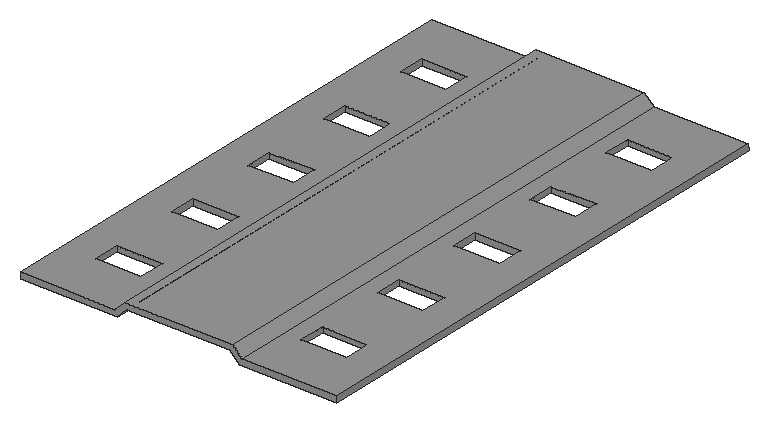
Revit family "Stoßstellenleiste-SSLB 100A2", category Generic Models, Revit 2017
Family settings
  Can host rebar = No
  Round Connector Dimension = Use Diameter
  Part Type = Normal
  Work Plane-Based = No
  Always vertical = Yes
  Cut with Voids When Loaded = No
  Shared = No
  Room Calculation Point = No
Parameters (values of type "SSLB 100 A2")
  Width = 135 mm
  URL = "http://www.obo-bettermann.com"
  Material = Edelstahl, rostfrei 1.4301
  Manufacturer Art.No. = "7070353"
  Manufacturer = "OBO BETTERMANN"
  GTIN = "4012196095728"
  Cut's number = 5
  Article Type = "SSLB 100 A2"
Reference planes
  plane 1 "Center (Front/Back)": y = 0
  plane 2: z = 0
  plane 3 "Center (Left/Right)": x = 0
  plane 4: x = 83
  plane 5: x = 41.5
  plane 6: z = 4
  plane 7: x = 25.5
  plane 8: x = 57.5
  plane 9: y = 135
  plane 10: x = 68.5
  plane 11: y = 17.5
  plane 12: y = 67.5
  plane 13: y = 42.5
  plane 14: x = 68.5
  plane 15: y = 42.5
  plane 16: y = 92.5
  plane 17: y = 67.5
  plane 18: x = 68.5
  plane 19: y = 67.5
  plane 20: y = 117.5
  plane 21: y = 92.5
  plane 22: x = 68.5
  plane 23: y = 92.5
  plane 24: y = 142.5
  plane 25: y = 117.5
  plane 26: x = 68.5
  plane 27: y = 117.5
  plane 28: y = 167.5
  plane 29: y = 142.5
  plane 30: x = 41.5
  plane 31: x = 14.5
  plane 32: y = 17.5
  plane 33: y = 67.5
  plane 34: y = 42.5
  plane 35: x = 14.5
  plane 36: y = 42.5
  plane 37: y = 92.5
  plane 38: y = 67.5
  plane 39: x = 14.5
  plane 40: y = 67.5
  plane 41: y = 117.5
  plane 42: y = 92.5
  plane 43: x = 14.5
  plane 44: y = 92.5
  plane 45: y = 142.5
  plane 46: y = 117.5
  plane 47: x = 14.5
  plane 48: y = 117.5
  plane 49: y = 167.5
  plane 50: y = 142.5
Forms (mm)
  Extrusion 1, solid, material "Edelstahl, rostfrei 1.4301" <- "Material"
    sketch origin (0, 0, 0) x (1, 0, 0) y (0, 0, 1)
      loop
        line (0, 0) -> (25.5, 0) -> (28, 2.5) -> (55, 2.5) -> (57.5, 0) -> (83, 0) -> (83, 1.5) -> (58.121, 1.5) -> (55.621, 4) -> (27.379, 4) -> (24.879, 1.5) -> (0, 1.5) -> (0, 0)
    from 0 to -135
  Extrusion 2, void
    sketch origin (0, 0, 0) x (1, 0, 0) y (0, 1, 0)
      loop
        line (62.5, 20.957) -> (62.5, 14) -> (74.5, 14) -> (74.5, 20.957) -> (62.5, 20.957)
    from 0 to 1.5
  Extrusion 3, void
    sketch origin (0, 25, 0) x (1, 0, 0) y (0, 1, 0)
      loop
        line (62.5, 20.957) -> (62.5, 14) -> (74.5, 14) -> (74.5, 20.957) -> (62.5, 20.957)
    from 0 to 1.5
  Extrusion 4, void
    sketch origin (0, 50, 0) x (1, 0, 0) y (0, 1, 0)
      loop
        line (62.5, 20.957) -> (62.5, 14) -> (74.5, 14) -> (74.5, 20.957) -> (62.5, 20.957)
    from 0 to 1.5
  Extrusion 5, void
    sketch origin (0, 75, 0) x (1, 0, 0) y (0, 1, 0)
      loop
        line (62.5, 20.957) -> (62.5, 14) -> (74.5, 14) -> (74.5, 20.957) -> (62.5, 20.957)
    from 0 to 1.5
  Extrusion 6, void
    sketch origin (0, 100, 0) x (1, 0, 0) y (0, 1, 0)
      loop
        line (62.5, 20.957) -> (62.5, 14) -> (74.5, 14) -> (74.5, 20.957) -> (62.5, 20.957)
    from 0 to 1.5
  Extrusion 7, void
    sketch origin (83, 0, 0) x (-1, 0, 0) y (0, -1, 0)
      loop
        line (62.5, -20.957) -> (74.5, -20.957) -> (74.5, -14) -> (62.5, -14) -> (62.5, -20.957)
    from 0 to 1.5
  Extrusion 8, void
    sketch origin (83, 25, 0) x (-1, 0, 0) y (0, -1, 0)
      loop
        line (62.5, -20.957) -> (74.5, -20.957) -> (74.5, -14) -> (62.5, -14) -> (62.5, -20.957)
    from 0 to 1.5
  Extrusion 9, void
    sketch origin (83, 50, 0) x (-1, 0, 0) y (0, -1, 0)
      loop
        line (62.5, -20.957) -> (74.5, -20.957) -> (74.5, -14) -> (62.5, -14) -> (62.5, -20.957)
    from 0 to 1.5
  Extrusion 10, void
    sketch origin (83, 75, 0) x (-1, 0, 0) y (0, -1, 0)
      loop
        line (62.5, -20.957) -> (74.5, -20.957) -> (74.5, -14) -> (62.5, -14) -> (62.5, -20.957)
    from 0 to 1.5
  Extrusion 11, void
    sketch origin (83, 100, 0) x (-1, 0, 0) y (0, -1, 0)
      loop
        line (62.5, -20.957) -> (74.5, -20.957) -> (74.5, -14) -> (62.5, -14) -> (62.5, -20.957)
    from 0 to 1.5
Cuts and joins
  Extrusion 2, Extrusion 3, Extrusion 4, Extrusion 5, Extrusion 6, Extrusion 7, Extrusion 8, Extrusion 9, Extrusion 10, Extrusion 11 cuts Extrusion 1
Dimensions and locks
  locked: Extrusion 1 sketch curve to Extrusion 1 sketch curve at 83
  locked: Extrusion 1 sketch curve to Extrusion 1 sketch curve at 4
  locked: Extrusion 1 sketch curve to Extrusion 1 sketch curve at 1.5  (x2)
  locked: Extrusion 1 sketch curve to Extrusion 1 sketch curve at 28.243
  locked: plane 1 "Center (Front/Back)" to plane 9 at 135
  locked: plane 12 to plane 13 at 25
  locked: plane 13 to plane 11 at 25
  locked: Extrusion 2 sketch curve to Extrusion 2 sketch curve at 12
  locked: plane 10 to Extrusion 2 sketch curve at 6
  locked: Extrusion 2 sketch curve to Extrusion 2 sketch curve at 6.957
  plane 11 to Extrusion 2 sketch curve = 3.5 mm
  locked: plane 16 to plane 17 at 25
  locked: plane 17 to plane 15 at 25
  locked: Extrusion 3 sketch curve to Extrusion 3 sketch curve at 12
  locked: plane 14 to Extrusion 3 sketch curve at 6
  locked: Extrusion 3 sketch curve to Extrusion 3 sketch curve at 6.957
  plane 15 to Extrusion 3 sketch curve = 3.5 mm
  locked: plane 20 to plane 21 at 25
  locked: plane 21 to plane 19 at 25
  locked: Extrusion 4 sketch curve to Extrusion 4 sketch curve at 12
  locked: plane 18 to Extrusion 4 sketch curve at 6
  locked: Extrusion 4 sketch curve to Extrusion 4 sketch curve at 6.957
  plane 19 to Extrusion 4 sketch curve = 3.5 mm
  locked: plane 24 to plane 25 at 25
  locked: plane 25 to plane 23 at 25
  locked: Extrusion 5 sketch curve to Extrusion 5 sketch curve at 12
  locked: plane 22 to Extrusion 5 sketch curve at 6
  locked: Extrusion 5 sketch curve to Extrusion 5 sketch curve at 6.957
  plane 23 to Extrusion 5 sketch curve = 3.5 mm
  locked: plane 28 to plane 29 at 25
  locked: plane 29 to plane 27 at 25
  locked: Extrusion 6 sketch curve to Extrusion 6 sketch curve at 12
  locked: plane 26 to Extrusion 6 sketch curve at 6
  locked: Extrusion 6 sketch curve to Extrusion 6 sketch curve at 6.957
  plane 27 to Extrusion 6 sketch curve = 3.5 mm
  locked: cut or joined group of Extrusion 1, Extrusion 2, Extrusion 3, Extrusion 4, Extrusion 5, Extrusion 6, Extrusion 7, Extrusion 8, Extrusion 9, Extrusion 10, Extrusion 11 to plane 30 at 41.5
  locked: plane 33 to plane 34 at 25
  locked: plane 34 to plane 32 at 25
  locked: Extrusion 7 sketch curve to Extrusion 7 sketch curve at 12
  locked: plane 31 to Extrusion 7 sketch curve at 6
  locked: Extrusion 7 sketch curve to Extrusion 7 sketch curve at 6.957
  Extrusion 7 sketch curve to plane 32 = 3.5 mm
  locked: plane 37 to plane 38 at 25
  locked: plane 38 to plane 36 at 25
  locked: Extrusion 8 sketch curve to Extrusion 8 sketch curve at 12
  locked: plane 35 to Extrusion 8 sketch curve at 6
  locked: Extrusion 8 sketch curve to Extrusion 8 sketch curve at 6.957
  Extrusion 8 sketch curve to plane 36 = 3.5 mm
  locked: plane 41 to plane 42 at 25
  locked: plane 42 to plane 40 at 25
  locked: Extrusion 9 sketch curve to Extrusion 9 sketch curve at 12
  locked: plane 39 to Extrusion 9 sketch curve at 6
  locked: Extrusion 9 sketch curve to Extrusion 9 sketch curve at 6.957
  Extrusion 9 sketch curve to plane 40 = 3.5 mm
  locked: plane 45 to plane 46 at 25
  locked: plane 46 to plane 44 at 25
  locked: Extrusion 10 sketch curve to Extrusion 10 sketch curve at 12
  locked: plane 43 to Extrusion 10 sketch curve at 6
  locked: Extrusion 10 sketch curve to Extrusion 10 sketch curve at 6.957
  Extrusion 10 sketch curve to plane 44 = 3.5 mm
  locked: plane 49 to plane 50 at 25
  locked: plane 50 to plane 48 at 25
  locked: Extrusion 11 sketch curve to Extrusion 11 sketch curve at 12
  locked: plane 47 to Extrusion 11 sketch curve at 6
  locked: Extrusion 11 sketch curve to Extrusion 11 sketch curve at 6.957
  plane 48 to Extrusion 11 sketch curve = 3.5 mm
  angle level to Extrusion 1 sketch curve = 45.00°
  locked: Extrusion 1 sketch curve to level (angle 45.00°)
  aligned and locked: level to plane 2
  aligned and locked: Extrusion 1 to plane 3 "Center (Left/Right)"
  aligned and locked: Extrusion 1 to level  (x2)
  aligned and locked: plane 9 to Extrusion 1
  aligned and locked: plane 1 "Center (Front/Back)" to Extrusion 1
  aligned and locked: Extrusion 2 to level
  aligned and locked: Extrusion 1 to Extrusion 2
